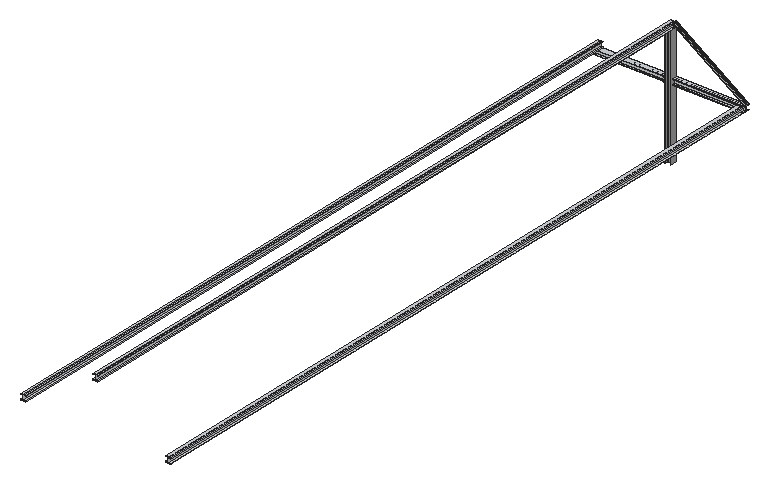
Revit family "PENSILINA", category Generic Models, Revit 2012
Parameters (values of type "Pensilina")
  PNSL Y Distanza trave di colmo da trave di bordo [instance] = 0.79 m
  PNSL Y Distanza trave di colmo da bordo non report = 0.79 m
  PNSL Lunghezza braccio = 3.00 m
  PNSL Estrusione scatolato pitagora = sqrt((PNSL Altezza travi di colmo e bordo ^ 2) + (PNSL Lunghezza braccio ^ 2))  # 3.605551 m
  PNSL Angolo scatolato arctan = 90.00° - atan(PNSL Lunghezza braccio / PNSL Altezza travi di colmo e bordo)  # 33.6901°
  PNSL Altezza pilastro = 5.00 m
  Numero piloni = 6
  PNSL Altezza travi di colmo e bordo = 2.00 m
Reference planes (m)
  plane 1 "Center (Front/Back)": y = 0
  plane 2: z = 0.7
  plane 3 "Center (Left/Right)": x = 0
  plane 4: y = 30
  plane 5: z = 5.7
  plane 6: z = 3.7
  plane 7: z = 0.7
  plane 8: x = 0.849384
  plane 9: x = 0.974384
  plane 10: x = 0.724384
  plane 11: x = 0.974384
  plane 12: x = 3.974384
  plane 13: x = -2.275616
  plane 14: z = 5.91
  plane 15: y = 1.485605
  plane 16: z = 3.91
Dimensions and locks (m)
  "PNSL Altezza travi di colmo e bordo": plane 5 to plane 6
  "PNSL Altezza pilastro": plane 5 to plane 7
  equal spacing: plane 10, plane 8, plane 9, locked at 0.125 each
  "PNSL Lunghezza braccio": plane 12 to plane 9
  "PNSL Lunghezza braccio": plane 10 to plane 13
  plane 14 to plane 5 = 0.21 m
  "PNSL Altezza travi di colmo e bordo": plane 14 to plane 16
  aligned and locked: level to plane 2
  aligned and locked: nested 3 to plane 5
  aligned and locked: level to plane 7
  aligned and locked: nested 4 to plane 7
  aligned and locked: plane 8 to nested 3
  aligned and locked: plane 9 to nested 4
  aligned and locked: nested 4 to plane 11
  aligned and locked: nested 1 to plane 9
  aligned and locked: nested 2 to plane 12
  aligned and locked: nested 6 to nested 5
  aligned and locked: plane 13 to nested 6
  aligned and locked: plane 14 to nested 3
  aligned and locked: nested 1 to plane 6
  aligned and locked: plane 15 to nested 4
  aligned and locked: plane 15 to nested 3
  aligned and locked: nested 6 to plane 15
  aligned and locked: plane 12 to nested 7
  aligned and locked: nested 5 to plane 6
  aligned and locked: plane 16 to nested 2
  aligned and locked: plane 16 to nested 7
Nested families (m)
  nested 1: "Trave Acciaio HEA orizzontale" at (0.974384, 1.465605, 3.7), type "Trave Acciaio HEA orizzontale"
  nested 2: "Trave Acciaio HEA orizzontalepensilina" at (3.754384, -28.514395, 3.7) x (0, 1, 0) z (0, 0, 1), type "Trave Acciaio HEA orizzontalepensilina"
    with Trave acciaio HEA orizzontale lunghezza pensilina 30.00 m
  nested 3: "Trave Acciaio HEA orizzontalepensilina" at (0.739384, -28.514395, 5.7) x (0, 1, 0) z (0, 0, 1), type "Trave Acciaio HEA orizzontalepensilina"
    with Trave acciaio HEA orizzontale lunghezza pensilina 30.00 m
  nested 4: "Trave Acciaio HEA" at (0.974384, 1.225605, 0.7) x (0, 1, 0) z (0, 0, 1), type "Trave HEA  260"
  nested 5: "Trave Acciaio HEA orizzontale" at (0.724384, 1.465605, 3.689) x (-1, 0, 0) z (0, 0, 1), type "Trave Acciaio HEA orizzontale"
  nested 6: "Trave Acciaio HEA orizzontalepensilina" at (-2.055616, -28.514395, 3.899) x (0, 1, 0) z (0, 0, 1), type "Trave Acciaio HEA orizzontalepensilina"
    with Trave acciaio HEA orizzontale lunghezza pensilina 30.00 m
  nested 7: "ScatolatoSTEFANO" at (3.974384, 1.359355, 3.91) x (0, 1, 0) z (0, 0, 1), type "ScatolatoSTEFANO"
    with Parametroangolare 33.6901°, Lunghezzascatolato 3.605551 m
Definition of nested family "Trave Acciaio HEA orizzontale"
  Parameters (values of type "Trave Acciaio HEA orizzontale")
    Trave acciao HEA Lunghezza = 0.21 m
    Trave acciaio lunghezza estrusione orizzontale = 3.00 m
    Trave acciaio HEA Spessore lingue = 0.011 m
    Trave acciaio HEA Spessore anima diviso due = 0.0035 m
  Reference planes (m)
    plane 1 "Center (Front/Back)": y = 0
    plane 2: z = 0
    plane 3 "Center (Left/Right)": x = 0
    plane 4: z = 0.21
    plane 5: y = -0.22
    plane 6: y = -0.11
    plane 7: z = 0.105
    plane 8: z = 0.199
    plane 9: z = 0.011
    plane 10: y = -0.1065
    plane 11: y = -0.1135
    plane 12: x = 3
  Forms (m)
    Extrusion 1, solid
      sketch origin (0, 0, 0) x (0, 1, 0) y (0, 0, 1)
        loop
          line (0, 0.204528) -> (0, 0.21) -> (-0.22, 0.21) -> (-0.22, 0.199) -> (-0.1135, 0.199) -> (-0.1135, 0.011) -> (-0.22, 0.011) -> (-0.22, 0) -> (0, 0) -> (0, 0.011) -> (-0.1065, 0.011) -> (-0.1065, 0.199) -> (0, 0.199) -> (0, 0.204528)
      from 0 to 3
  Dimensions and locks (m)
    equal spacing: plane 1 "Center (Front/Back)", plane 6, plane 5
    equal spacing: plane 2, plane 7, plane 4
    "Trave acciaio HEA Spessore lingue": plane 9 to plane 2
    "Trave acciaio HEA Spessore lingue": plane 8 to plane 4
    "Trave acciaio HEA Spessore anima diviso due": plane 10 to plane 6
    "Trave acciaio HEA Spessore anima diviso due": plane 11 to plane 6
    "Trave acciao HEA Lunghezza": level to Extrusion 1
    "Trave acciao HEA Lunghezza": plane 4 to plane 2
    "Trave acciaio lunghezza estrusione orizzontale": plane 12 to plane 3 "Center (Left/Right)"
    aligned and locked: level to plane 2
    aligned and locked: plane 11 to Extrusion 1
    aligned and locked: Extrusion 1 to plane 10
    aligned and locked: plane 9 to Extrusion 1
    aligned and locked: Extrusion 1 to level
    aligned and locked: plane 12 to Extrusion 1
  Automatic sketch dimensions
    Extrusion 1 sketch curve to plane 5 = 0.00 m  (x2)
    Extrusion 1 sketch curve to plane 8 = 0.00 m  (x2)
    Extrusion 1 sketch curve to plane 11 = 0.00 m
    Extrusion 1 sketch curve to plane 10 = 0.00 m
    Extrusion 1 sketch curve to level = 0.00 m
    Extrusion 1 sketch curve to plane 1 "Center (Front/Back)" = 0.00 m  (x2)
    Extrusion 1 sketch curve to plane 9 = 0.00 m  (x2)
    Extrusion 1 sketch curve to plane 4 = 0.005472 m
    Extrusion 1 sketch curve to Extrusion 1 sketch curve = 0.005472 m
Definition of nested family "Trave Acciaio HEA orizzontalepensilina"
  Parameters (values of type "Trave Acciaio HEA orizzontalepensilina")
    Trave acciao HEA Lunghezza = 0.21 m
    Trave acciaio lunghezza estrusione orizzontale = 4.46 m
    Trave acciaio HEA orizzontale lunghezza pensilina = 15.00 m
    Trave acciaio HEA Spessore lingue = 0.011 m
    Trave acciaio HEA Spessore anima diviso due = 0.0035 m
  Reference planes (m)
    plane 1 "Center (Front/Back)": y = 0
    plane 2: z = 0
    plane 3 "Center (Left/Right)": x = 0
    plane 4: z = 0.21
    plane 5: y = -0.22
    plane 6: y = -0.11
    plane 7: z = 0.105
    plane 8: z = 0.199
    plane 9: z = 0.011
    plane 10: y = -0.1065
    plane 11: y = -0.1135
    plane 12: x = 15
  Forms (m)
    Extrusion 1, solid
      sketch origin (0, 0, 0) x (0, 1, 0) y (0, 0, 1)
        loop
          line (0, 0.204528) -> (0, 0.21) -> (-0.22, 0.21) -> (-0.22, 0.199) -> (-0.1135, 0.199) -> (-0.1135, 0.011) -> (-0.22, 0.011) -> (-0.22, 0) -> (0, 0) -> (0, 0.011) -> (-0.1065, 0.011) -> (-0.1065, 0.199) -> (0, 0.199) -> (0, 0.204528)
      from 0 to 15
  Dimensions and locks (m)
    equal spacing: plane 1 "Center (Front/Back)", plane 6, plane 5
    equal spacing: plane 2, plane 7, plane 4
    "Trave acciaio HEA Spessore lingue": plane 9 to plane 2
    "Trave acciaio HEA Spessore lingue": plane 8 to plane 4
    "Trave acciaio HEA Spessore anima diviso due": plane 10 to plane 6
    "Trave acciaio HEA Spessore anima diviso due": plane 11 to plane 6
    "Trave acciao HEA Lunghezza": level to Extrusion 1
    "Trave acciao HEA Lunghezza": plane 4 to plane 2
    "Trave acciaio HEA orizzontale lunghezza pensilina": plane 12 to plane 3 "Center (Left/Right)"
    plane 12 to plane 3 "Center (Left/Right)" = 15.00 m
    aligned and locked: level to plane 2
    aligned and locked: plane 11 to Extrusion 1
    aligned and locked: Extrusion 1 to plane 10
    aligned and locked: plane 9 to Extrusion 1
    aligned and locked: Extrusion 1 to level
    aligned and locked: plane 12 to Extrusion 1
  Automatic sketch dimensions
    Extrusion 1 sketch curve to plane 5 = 0.00 m  (x2)
    Extrusion 1 sketch curve to plane 8 = 0.00 m  (x2)
    Extrusion 1 sketch curve to plane 11 = 0.00 m
    Extrusion 1 sketch curve to plane 10 = 0.00 m
    Extrusion 1 sketch curve to level = 0.00 m
    Extrusion 1 sketch curve to plane 1 "Center (Front/Back)" = 0.00 m  (x2)
    Extrusion 1 sketch curve to plane 9 = 0.00 m  (x2)
    Extrusion 1 sketch curve to plane 4 = 0.005472 m
    Extrusion 1 sketch curve to Extrusion 1 sketch curve = 0.005472 m
Definition of nested family "Trave Acciaio HEA"
  Parameters (values of type "Trave HEA  260")
    Trave accicio HEA Raggio raccordo = 0.0024 m
    Trave acciao HEA Lunghezza = 0.25 m
    Trave acciaio HEA materiale = Acciaio trave
    Trave acciaio HEA altezza [instance] = 5.80 m
    Trave acciaio HEA Spessore lingue = 0.0125 m
    Trave acciaio HEA Spessore anima diviso due = Trave acciaio HEA Spessore anima / 2  # 0.00375 m
    Trave acciaio HEA Spessore anima = 0.0075 m
    Trave acciaio HEA Peso trave = 0.00 kN
    Trave acciaio HEA Peso lineare = 680 N/m
    Trave acciaio HEA Larghezza = 0.26 m
    Trave acciaio HEA Altezza estrusione [instance] = 5.60 m
    Trave acciaio HEA ALTEZZA = 5.00 m
  Types (3, lengths in m): name | Trave accicio HEA Raggio raccordo | Trave acciao HEA Lunghezza | Trave acciaio HEA altezza | Trave acciaio HEA Spessore lingue | Trave acciaio HEA Spessore anima diviso due | Trave acciaio HEA Spessore anima | Trave acciaio HEA Peso lineare | Trave acciaio HEA Larghezza | Trave acciaio HEA Altezza estrusione | Trave acciaio HEA ALTEZZA
    (no name) | 0.0024 | 0.25 | 5.80 | 0.0125 | 0.00375 | 0.0075 | 680 N/m | 0.26 | 5.60 | 5.00
    Trave HEA  260 | 0.0024 | 0.25 | 5.80 | 0.0125 | 0.00375 | 0.0075 | 680 N/m | 0.26 | 5.60 | 5.00
    Trave HEA 300 | 0.014 | 0.29 | 7.00 | 0.014 | 0.00425 | 0.0085 | 880 N/m | 0.30 | 7.00 | 6.432193
  Reference planes (m)
    plane 1 "Center (Front/Back)": y = 0
    plane 2: z = 0
    plane 3 "Center (Left/Right)": x = 0
    plane 4: y = 0.25
    plane 5: x = 0.26
    plane 6: y = 0.2375
    plane 7: y = 0.0125
    plane 8: x = 0.13
    plane 9: x = 0.13375
    plane 10: x = 0.12625
    plane 11: z = 5
  Forms (m)
    Extrusion 1, solid, material "Acciaio trave" <- "Trave acciaio HEA materiale"
      sketch origin (0, 0, 0) x (1, 0, 0) y (0, 1, 0)
        loop
          line (0, 0.25) -> (0, 0.2375) -> (0.12385, 0.2375)
          arc (0.12385, 0.2375) -> (0.125547, 0.236797) -> (0.12625, 0.2351) r 0.0024
          line (0.12625, 0.2351) -> (0.12625, 0.0149)
          arc (0.12625, 0.0149) -> (0.125547, 0.013203) -> (0.12385, 0.0125) r 0.0024
          line (0.12385, 0.0125) -> (0, 0.0125) -> (0, 0) -> (0.26, 0) -> (0.26, 0.0125) -> (0.13615, 0.0125)
          arc (0.13615, 0.0125) -> (0.134453, 0.013203) -> (0.13375, 0.0149) r 0.0024
          line (0.13375, 0.0149) -> (0.13375, 0.2351)
          arc (0.13375, 0.2351) -> (0.134453, 0.236797) -> (0.13615, 0.2375) r 0.0024
          line (0.13615, 0.2375) -> (0.26, 0.2375) -> (0.26, 0.25) -> (0, 0.25)
      from 0 to 5
  Dimensions and locks (m)
    "Trave acciaio HEA Larghezza": plane 5 to plane 3 "Center (Left/Right)"
    "Trave acciaio HEA Spessore lingue": plane 6 to plane 4
    "Trave acciaio HEA Spessore lingue": plane 7 to plane 1 "Center (Front/Back)"
    plane 7 to plane 6 = 0.225 m
    "Trave acciao HEA Lunghezza": plane 4 to plane 1 "Center (Front/Back)"
    plane 5 to plane 8 to plane 3 "Center (Left/Right)" = 0.13 m, 0.13 m
    "Trave acciaio HEA Spessore anima diviso due": plane 9 to plane 8
    "Trave acciaio HEA Spessore anima diviso due": plane 10 to plane 8
    "Trave acciaio HEA ALTEZZA": plane 11 to plane 2
    "Trave accicio HEA Raggio raccordo": radius of Extrusion 1 sketch curve  (x4)
    aligned and locked: level to plane 2
    aligned and locked: plane 4 to Extrusion 1
    aligned and locked: Extrusion 1 to plane 6  (x2)
    aligned and locked: plane 7 to Extrusion 1  (x2)
    aligned and locked: Extrusion 1 to plane 10
    aligned and locked: Extrusion 1 to plane 9
    aligned and locked: plane 11 to Extrusion 1
  Automatic sketch dimensions
    Extrusion 1 sketch curve to plane 3 "Center (Left/Right)" = 0.00 m  (x2)
    plane 7 to Extrusion 1 sketch curve = 0.00 m  (x2)
    Extrusion 1 sketch curve to plane 6 = 0.00 m  (x2)
    plane 1 "Center (Front/Back)" to Extrusion 1 sketch curve = 0.00 m
    Extrusion 1 sketch curve to plane 5 = 0.00 m  (x2)
    plane 4 to Extrusion 1 sketch curve = 0.00 m
    Extrusion 1 sketch curve to plane 5 = 0.12625 m
    plane 3 "Center (Left/Right)" to Extrusion 1 sketch curve = 0.12385 m
Definition of nested family "ScatolatoSTEFANO"
  Parameters (values of type "ScatolatoSTEFANO")
    Spessore scatolato = 0.004 m
    Raccordo interno = Raccordo esterno  # 0.01 m
    Raccordo esterno = 0.01 m
    Parametroangolare = 0.00°
    Lunghezzascatolato = 2.00 m
    Larghezza scatolato = 0.08 m
    Altezza scatolato = 0.08 m
  Reference planes (m)
    plane 1 "Center (Front/Back)": y = 0
    plane 2: z = 0
    plane 3 "Center (Left/Right)": x = 0
    plane 4: x = -0.04
    plane 5: x = 0.04
    plane 6: z = 0
    plane 7: z = 0.12
    plane 8: x = -0.036
    plane 9: z = 0.116
    plane 10: z = 0.004
    plane 11: x = 0.036
  Forms (m)
    Sweep 1, solid
      path in 3D
        loop
          line (0, 2, 0) -> (0, 0, 0)
      profile origin (0, 1, 0) x (0, 0, -1) y (1, 0, 0)
        loop
          arc (-0.12, -0.026) -> (-0.115899, -0.035899) -> (-0.106, -0.04) r 0.014
          line (-0.106, -0.04) -> (-0.014, -0.04)
          arc (-0.014, -0.04) -> (-0.004101, -0.035899) -> (0, -0.026) r 0.014
          line (0, -0.026) -> (0, 0.026)
          arc (0, 0.026) -> (-0.004101, 0.035899) -> (-0.014, 0.04) r 0.014
          line (-0.014, 0.04) -> (-0.106, 0.04)
          arc (-0.106, 0.04) -> (-0.115899, 0.035899) -> (-0.12, 0.026) r 0.014
          line (-0.12, 0.026) -> (-0.12, -0.026)
        loop
          arc (-0.004, 0.026) -> (-0.006929, 0.033071) -> (-0.014, 0.036) r 0.01
          line (-0.014, 0.036) -> (-0.106, 0.036)
          arc (-0.106, 0.036) -> (-0.113071, 0.033071) -> (-0.116, 0.026) r 0.01
          line (-0.116, 0.026) -> (-0.116, -0.026)
          arc (-0.116, -0.026) -> (-0.113071, -0.033071) -> (-0.106, -0.036) r 0.01
          line (-0.106, -0.036) -> (-0.014, -0.036)
          arc (-0.014, -0.036) -> (-0.006929, -0.033071) -> (-0.004, -0.026) r 0.01
          line (-0.004, -0.026) -> (-0.004, 0.026)
  Lines and regions (m)
    reference lines
      curve 1: line (0, 2, 0) -> (0, 0, 0)
    sketch lines
      curve 2: line (0, 2, 0) -> (0, 0, 0)
  Dimensions and locks (m)
    equal spacing: plane 5, plane 3 "Center (Left/Right)", plane 4
    "Lunghezzascatolato": curve 1 to curve 1
    "Larghezza scatolato": plane 5 to plane 4
    "Spessore scatolato": plane 8 to plane 4
    "Spessore scatolato": plane 5 to plane 11
    "Raccordo interno": radius of Sweep 1 sketch curve  (x4)
    "Parametroangolare": angle level to curve 1
    aligned and locked: level to plane 2
    aligned and locked: Sweep 1 sketch curve to plane 5
    aligned and locked: plane 4 to Sweep 1 sketch curve
    aligned and locked: Sweep 1 sketch curve to plane 11
    aligned and locked: plane 8 to Sweep 1 sketch curve
  Automatic sketch dimensions
    curve 1 to level = 0.00 m
    curve 1 to plane 1 "Center (Front/Back)" = 0.00 m
    Sweep 1 sketch curve to Sweep 1 sketch curve = 0.00 m  (x6)
    Sweep 1 sketch curve to Sweep 1 sketch curve = 0.092 m
    Sweep 1 sketch curve to profile plane = 0.00 m
